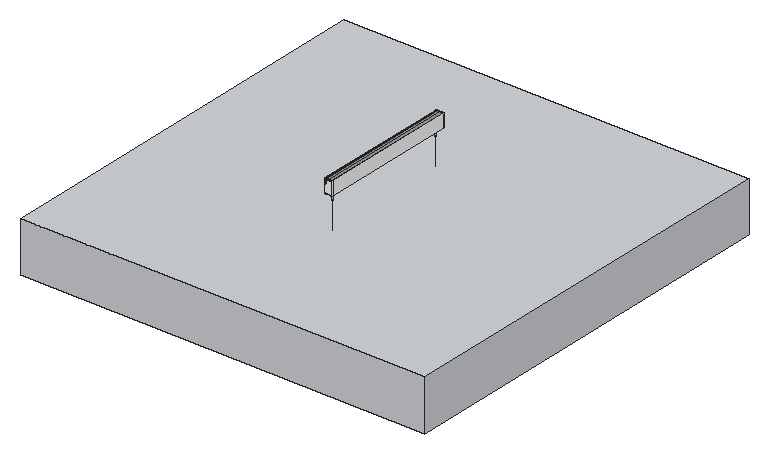
Revit family "LAMP_FIL 45 840MM D-I OPAL", category Luminarias, Revit 2018
Family settings
  Anfitrión = Cara
  Cota de conector redondo = Diámetro de uso
  Tipo de pieza = Normal
  Corte con vacíos al cargar = No
  Origen de luz = Sí
  Compartido = No
  Punto de cálculo de habitación = No
Parameters (values of type "2550LM 3000K  BLACK")
  Ángulo de inclinación = -90.00°
  Weight = 2.00 kg
  Wattage = 15.47 W
  Type = "MID POWER TRIDONIC"
  built-in parameter 1150107 = 3000 (stored number, unit not read)
  NOT COVER 2 [instance] = not(END COVER 2)  # no
  NOT COVER 1 [instance] = not(END COVER 1)  # no
  Indirect light = LAMP_FIL 45 840MM D-I OPAL_I : 3000K
  END COVER 2 [instance] = yes
  END COVER 1 [instance] = yes
  Suspension distance [instance] = if(Suspension > 4000 mm, 4000 mm, if(Suspension < 1 mm, 1 mm, Suspension))  # 200 mm
  Suspension [instance] = 200 mm
  built-in parameter 1150110 = 1 (stored number, unit not read)
  built-in parameter 1150109 = 1 (stored number, unit not read)
  built-in parameter 1150112 = 1 (stored number, unit not read)
  built-in parameter 1150113 = 1 (stored number, unit not read)
  built-in parameter 1114218 = 1 (stored number, unit not read)
  Protection rating = "IP20 / IK07"
  Product datasheet = "http://www.lamp.es/product-files/TECH/F41SF084MOIO830NB-EN.pdf"
  Product code = "F41SF084MOIO830NB"
  Product URL = "https://www.lamp.es/en/family/fil-45_413951"
  Power Supply = "220-240V 50/60Hz"
  Power = 18 W
  Plum = 22.1 W
  Photobiological risk = ""
  built-in parameter 1150137 = (empty or 0)
  built-in parameter 1150132 = 2
  Modelo = Product code  # "F41SF084MOIO830NB"
  Model Explanation = ""
  Material suspension = LAMP_Acero genérico
  Material perfil = LAMP_Aluminio Perfil Fil NG
  Material difusor = LAMP_PC Difusor Opal Fil
  Manufacturer name = "LAMP"
  Manufacturer country = "Spain"
  Manufacturer URL = "http://www.lamp.es/en"
  MacAdam = "3"
  Longitud de línea de emisión = 840 mm
  Last update = "21/04/2021"
  Lamp = "MID-POWER LED"
  LED Lifetime = "70.000 L80 B10"
  built-in parameter 1150105 = 509.3 (stored number, unit not read)
  built-in parameter 1150102 = (empty or 0)
  Insulation class = "I"
  Installation instructions = "https://www.lamp.es/product-files/INS/1004580-C%20INSTR.%20FIL45.pdf"
  built-in parameter 1150106 = 5.093 (stored number, unit not read)
  IEE = "A+"
  Gear = "Electronic"
  Lumens = 1339.08 lm
  Finish = "Matte black RAL 9011"
  Color Filter = 16777215
  built-in parameter 1114217 = 1 (stored number, unit not read)
  built-in parameter 1150139 = (empty or 0)
  Fabricante = Manufacturer name  # "LAMP"
  Default Elevation = 1219.2 mm
  built-in parameter 1150104 = 8.0417 (stored number, unit not read)
  Efficacy = 86.54 lm/W
  Dimensions = "840x45x80"
  Descripción = "FIL45 SUR 840 2550 WW D/I OPAL BK."
  built-in parameter 1150115 = 1 (stored number, unit not read)
  built-in parameter 1150114 = 1 (stored number, unit not read)
  built-in parameter 1150138 = (empty or 0)
  built-in parameter 1150134 = 3
  Dimming Lamp Color Temperature Shift = (empty or 0)
  CRI = "80"
  Archivo de red fotométrica = "F41SF084MOIO830NW_D.IES"
  built-in parameter 1150133 = 10 (stored number, unit not read)
Types (12, lengths in mm): name | Weight | built-in parameter 1150107 | Indirect light | Product datasheet | Product code | Modelo | Material perfil | built-in parameter 1150105 | built-in parameter 1150106 | Lumens | Finish | built-in parameter 1150104 | Efficacy | Descripción | Archivo de red fotométrica
  2550LM 3000K DALI BLACK | 2.132 kg | 3000 (stored number, unit not read) | LAMP_FIL 45 840MM D-I OPAL_I : 3000K | "http://www.lamp.es/product-files/TECH/F41SF084MOIO830DB-EN.pdf" | "F41SF084MOIO830DB" | "F41SF084MOIO830DB" | LAMP_Aluminio Perfil Fil NG | 509.3 (stored number, unit not read) | 5.093 (stored number, unit not read) | 1339.08 lm | "Matte black RAL 9011" | 8.0417 (stored number, unit not read) | 86.54 lm/W | "FIL45 SUR 840 2550 WW D/I OPAL DALI BK." | "F41SF084MOIO830NW_D.IES"
  2550LM 3000K DALI GREY | 2.132 kg | 3000 (stored number, unit not read) | LAMP_FIL 45 840MM D-I OPAL_I : 3000K | "http://www.lamp.es/product-files/TECH/F41SF084MOIO830DG-EN.pdf" | "F41SF084MOIO830DG" | "F41SF084MOIO830DG" | LAMP_Aluminio Perfil Fil GR | 509.3 (stored number, unit not read) | 5.093 (stored number, unit not read) | 1339.08 lm | "Gloss grey" | 8.0417 (stored number, unit not read) | 86.54 lm/W | "FIL45 SUR 840 2550 WW D/I OPAL DALI GR." | "F41SF084MOIO830NW_D.IES"
  2550LM 3000K DALI WHITE | 2.132 kg | 3000 (stored number, unit not read) | LAMP_FIL 45 840MM D-I OPAL_I : 3000K | "http://www.lamp.es/product-files/TECH/F41SF084MOIO830DW-EN.pdf" | "F41SF084MOIO830DW" | "F41SF084MOIO830DW" | LAMP_Aluminio Perfil Fil BL | 509.3 (stored number, unit not read) | 5.093 (stored number, unit not read) | 1339.08 lm | "Matte white RAL 9010" | 8.0417 (stored number, unit not read) | 86.54 lm/W | "FIL45 SUR 840 2550 WW D/I OPAL DALI WH." | "F41SF084MOIO830NW_D.IES"
  2550LM 3000K  BLACK | 2.00 kg | 3000 (stored number, unit not read) | LAMP_FIL 45 840MM D-I OPAL_I : 3000K | "http://www.lamp.es/product-files/TECH/F41SF084MOIO830NB-EN.pdf" | "F41SF084MOIO830NB" | "F41SF084MOIO830NB" | LAMP_Aluminio Perfil Fil NG | 509.3 (stored number, unit not read) | 5.093 (stored number, unit not read) | 1339.08 lm | "Matte black RAL 9011" | 8.0417 (stored number, unit not read) | 86.54 lm/W | "FIL45 SUR 840 2550 WW D/I OPAL BK." | "F41SF084MOIO830NW_D.IES"
  2550LM 3000K  GREY | 2.00 kg | 3000 (stored number, unit not read) | LAMP_FIL 45 840MM D-I OPAL_I : 3000K | "http://www.lamp.es/product-files/TECH/F41SF084MOIO830NG-EN.pdf" | "F41SF084MOIO830NG" | "F41SF084MOIO830NG" | LAMP_Aluminio Perfil Fil GR | 509.3 (stored number, unit not read) | 5.093 (stored number, unit not read) | 1339.08 lm | "Gloss grey" | 8.0417 (stored number, unit not read) | 86.54 lm/W | "FIL45 SUR 840 2550 WW D/I OPAL GR." | "F41SF084MOIO830NW_D.IES"
  2550LM 3000K  WHITE | 2.00 kg | 3000 (stored number, unit not read) | LAMP_FIL 45 840MM D-I OPAL_I : 3000K | "http://www.lamp.es/product-files/TECH/F41SF084MOIO830NW-EN.pdf" | "F41SF084MOIO830NW" | "F41SF084MOIO830NW" | LAMP_Aluminio Perfil Fil BL | 509.3 (stored number, unit not read) | 5.093 (stored number, unit not read) | 1339.08 lm | "Matte white RAL 9010" | 8.0417 (stored number, unit not read) | 86.54 lm/W | "FIL45 SUR 840 2550 WW D/I OPAL WH." | "F41SF084MOIO830NW_D.IES"
  2550LM 4000K DALI BLACK | 2.132 kg | 4000 (stored number, unit not read) | LAMP_FIL 45 840MM D-I OPAL_I : 4000K | "http://www.lamp.es/product-files/TECH/F41SF084MOIO840DB-EN.pdf" | "F41SF084MOIO840DB" | "F41SF084MOIO840DB" | LAMP_Aluminio Perfil Fil NG | 531.42 (stored number, unit not read) | 5.3142 (stored number, unit not read) | 1397.25 lm | "Matte black RAL 9011" | 8.391 (stored number, unit not read) | 90.31 lm/W | "FIL45 SUR 840 2550 NW D/I OPAL DALI BK." | "F41SF084MOIO840NW_D.IES"
  2550LM 4000K DALI GREY | 2.132 kg | 4000 (stored number, unit not read) | LAMP_FIL 45 840MM D-I OPAL_I : 4000K | "http://www.lamp.es/product-files/TECH/F41SF084MOIO840DG-EN.pdf" | "F41SF084MOIO840DG" | "F41SF084MOIO840DG" | LAMP_Aluminio Perfil Fil GR | 531.42 (stored number, unit not read) | 5.3142 (stored number, unit not read) | 1397.25 lm | "Gloss grey" | 8.391 (stored number, unit not read) | 90.31 lm/W | "FIL45 SUR 840 2550 NW D/I OPAL DALI GR." | "F41SF084MOIO840NW_D.IES"
  2550LM 4000K DALI WHITE | 2.132 kg | 4000 (stored number, unit not read) | LAMP_FIL 45 840MM D-I OPAL_I : 4000K | "http://www.lamp.es/product-files/TECH/F41SF084MOIO840DW-EN.pdf" | "F41SF084MOIO840DW" | "F41SF084MOIO840DW" | LAMP_Aluminio Perfil Fil BL | 531.42 (stored number, unit not read) | 5.3142 (stored number, unit not read) | 1397.25 lm | "Matte white RAL 9010" | 8.391 (stored number, unit not read) | 90.31 lm/W | "FIL45 SUR 840 2550 NW D/I OPAL DALI WH." | "F41SF084MOIO840NW_D.IES"
  2550LM 4000K  BLACK | 2.00 kg | 4000 (stored number, unit not read) | LAMP_FIL 45 840MM D-I OPAL_I : 4000K | "http://www.lamp.es/product-files/TECH/F41SF084MOIO840NB-EN.pdf" | "F41SF084MOIO840NB" | "F41SF084MOIO840NB" | LAMP_Aluminio Perfil Fil NG | 531.42 (stored number, unit not read) | 5.3142 (stored number, unit not read) | 1397.25 lm | "Matte black RAL 9011" | 8.391 (stored number, unit not read) | 90.31 lm/W | "FIL45 SUR 840 2550 NW D/I OPAL BK." | "F41SF084MOIO840NW_D.IES"
  2550LM 4000K  GREY | 2.00 kg | 4000 (stored number, unit not read) | LAMP_FIL 45 840MM D-I OPAL_I : 4000K | "http://www.lamp.es/product-files/TECH/F41SF084MOIO840NG-EN.pdf" | "F41SF084MOIO840NG" | "F41SF084MOIO840NG" | LAMP_Aluminio Perfil Fil GR | 531.42 (stored number, unit not read) | 5.3142 (stored number, unit not read) | 1397.25 lm | "Gloss grey" | 8.391 (stored number, unit not read) | 90.31 lm/W | "FIL45 SUR 840 2550 NW D/I OPAL GR." | "F41SF084MOIO840NW_D.IES"
  2550LM 4000K  WHITE | 2.00 kg | 4000 (stored number, unit not read) | LAMP_FIL 45 840MM D-I OPAL_I : 4000K | "http://www.lamp.es/product-files/TECH/F41SF084MOIO840NW-EN.pdf" | "F41SF084MOIO840NW" | "F41SF084MOIO840NW" | LAMP_Aluminio Perfil Fil BL | 531.42 (stored number, unit not read) | 5.3142 (stored number, unit not read) | 1397.25 lm | "Matte white RAL 9010" | 8.391 (stored number, unit not read) | 90.31 lm/W | "FIL45 SUR 840 2550 NW D/I OPAL WH." | "F41SF084MOIO840NW_D.IES"
Reference planes
  plane 1 "Centro (Frontal/Posterior)": y = 0
  plane 2: z = 0
  plane 3 "Centro (Izquierda/Derecha)": x = 0
Forms (mm)
  Extrusion 1, solid
    sketch origin (0, 0, 0) x (1, 0, 0) y (0, 1, 0)
      loop
        line (-1219.2, 1219.2) -> (-1219.2, -1219.2) -> (1219.2, -1219.2) -> (1219.2, 1219.2) -> (-1219.2, 1219.2)
    from 0 to -304.8
  Extrusion 2, solid, material "LAMP_Aluminio Perfil Fil NG" <- "Material perfil"
    sketch origin (0, 0, 0) x (1, 0, 0) y (0, 0, 1)
      loop
        arc (22.5, 285.7) -> (21.5, 286.7) -> (20.5, 285.7) r 1
        line (20.5, 285.7) -> (20.5, 284.2) -> (17.8, 284.2) -> (17.8, 259) -> (0, 259) -> (-17.8, 259) -> (-17.8, 284.2) -> (-20.5, 284.2) -> (-20.5, 285.7)
        arc (-20.5, 285.7) -> (-21.5, 286.7) -> (-22.5, 285.7) r 1
        line (-22.5, 285.7) -> (-22.5, 206.5) -> (-20.7, 206.5) -> (-20.7, 210) -> (-12.5, 210) -> (-12.5, 208) -> (-14.8, 208) -> (-14.5, 206.5) -> (-11, 206.5) -> (-11, 214.5) -> (0, 214.5) -> (11, 214.5) -> (11, 206.5) -> (14.5, 206.5) -> (14.8, 208) -> (12.5, 208) -> (12.5, 210) -> (20.7, 210) -> (20.7, 206.5) -> (22.5, 206.5) -> (22.5, 285.7)
    from -420 to 420
  Extrusion 3, solid, material "LAMP_Acero genérico" <- "Material suspension"
    sketch origin (0, 0, 0) x (1, 0, 0) y (0, 0, 1)
      loop
        line (-12.5, 201) -> (-15.291, 208.272) -> (-12.823, 210) -> (-13.823, 210) -> (-16.291, 208.272) -> (-13.116, 200) -> (0, 200) -> (13.116, 200) -> (16.291, 208.272) -> (13.823, 210) -> (12.823, 210) -> (15.291, 208.272) -> (12.5, 201) -> (0, 201) -> (-12.5, 201)
    from -400 to -378
  Extrusion 4, solid, material "LAMP_Acero genérico" <- "Material suspension"
    sketch origin (0, -24, 0) x (1, 0, 0) y (0, 1, 0)
      loop
        circle (0, -365) r 5
    from 163.2 to 200
  Extrusion 5, solid, material "LAMP_Acero genérico" <- "Material suspension"
    sketch origin (0, 24, 0) x (1, 0, 0) y (0, 1, 0)
      loop
        circle (0, 365) r 5
    from 163.2 to 200
  Extrusion 6, solid, material "LAMP_Acero genérico" <- "Material suspension"
    sketch origin (0, 0, 0) x (1, 0, 0) y (0, 1, 0)
      loop
        circle (0, -389) r 1
    from 0 to 163.2
  Extrusion 7, solid, material "LAMP_Acero genérico" <- "Material suspension"
    sketch origin (0, 0, 0) x (1, 0, 0) y (0, 1, 0)
      loop
        circle (0, 389) r 1
    from 0 to 163.2
  Extrusion 8, solid, material "LAMP_PC Difusor Opal Fil" <- "Material difusor"
    sketch origin (0, 0, 0) x (1, 0, 0) y (0, 0, 1)
      loop
        line (-20.5, 284.2) -> (0, 284.2) -> (20.5, 284.2) -> (20.5, 286.7) -> (0, 286.7) -> (-20.5, 286.7) -> (-20.5, 284.2)
    from 420 to -420
  Extrusion 9, solid, material "LAMP_Acero genérico" <- "Material suspension"
    sketch origin (0, 0, 0) x (1, 0, 0) y (0, 0, -1)
      loop
        line (-12.5, -201) -> (0, -201) -> (12.5, -201) -> (15.291, -208.272) -> (12.823, -210) -> (13.823, -210) -> (16.291, -208.272) -> (13.116, -200) -> (0, -200) -> (-13.116, -200) -> (-16.291, -208.272) -> (-13.823, -210) -> (-12.823, -210) -> (-15.291, -208.272) -> (-12.5, -201)
    from -400 to -378
  Extrusion 10, solid, material "LAMP_PC Difusor Opal Fil" <- "Material difusor"
    sketch origin (0, 0, 0) x (1, 0, 0) y (0, 0, 1)
      loop
        line (-11, 214.5) -> (-11, 206.5) -> (-7.529, 206.5) -> (11, 206.5) -> (11, 214.5) -> (10, 214.5) -> (10, 207.5) -> (-10, 207.5) -> (-10, 214.5) -> (-11, 214.5)
    from 420 to -420
Lines and regions (mm)
  reference lines
    curve 1: line (0, -445.47, 200) -> (0, 544.53, 200)
Text (mm)
  text "Any modification of the parameters and properties of the LAMP BIM models must be executed and validated by the LAMP technical department.\nPhone: +34 93 736 68 00\nE-mail: lamp@lamp.es\n\nLAMP reserves the right to modify the technical specifications of its products." at (3279.264, 5298.162, -2684.539), in view "Preview"
Dimensions and locks
  "Suspension distance": level to curve 1
  locked: Extrusion 4 to Extrusion 4 at 36.8
  locked: Extrusion 5 to Extrusion 5 at 36.8
  aligned and locked: plane 2 to Extrusion 1
  aligned and locked: level to Extrusion 1
  aligned and locked: Extrusion 8 to Extrusion 2  (x2)
  aligned and locked: curve 1 to Extrusion 9
  aligned and locked: curve 1 to Extrusion 3
  aligned and locked: Extrusion 4 to curve 1
  aligned and locked: Extrusion 5 to curve 1
  aligned and locked: Extrusion 6 to Extrusion 4
  aligned and locked: Extrusion 7 to Extrusion 5
  aligned and locked: Extrusion 2 to Extrusion 9  (x2)
  aligned and locked: imposter light to Extrusion 8
  aligned and locked: Extrusion 10 to Extrusion 2
  aligned and locked: nested 1 to Extrusion 2  (x2)
  aligned and locked: nested 2 to Extrusion 2
  aligned and locked: Extrusion 10 to nested 3
Automatic sketch dimensions
  Extrusion 1 sketch curve to Extrusion 1 sketch curve = 2438.4 mm  (x2)
  Extrusion 3 sketch curve to plane 3 "Centro (Izquierda/Derecha)" = 0 mm  (x2)
  Extrusion 3 sketch curve to Extrusion 3 sketch curve = 12.5 mm
  Extrusion 3 sketch curve to Extrusion 3 sketch curve = 0.323 mm  (x2)
  Extrusion 3 sketch curve to Extrusion 3 sketch curve = 0.616 mm  (x2)
  Extrusion 3 sketch curve to Extrusion 3 sketch curve = 1 mm  (x5)
  Extrusion 3 sketch curve to Extrusion 3 sketch curve = 1.468 mm  (x2)
  plane 3 "Centro (Izquierda/Derecha)" to Extrusion 3 sketch curve = 12.5 mm
  level to Extrusion 3 sketch curve = 200 mm
  Extrusion 3 sketch curve to Extrusion 3 sketch curve = 7.272 mm  (x2)
  Extrusion 3 sketch curve to Extrusion 3 sketch curve = 0 mm  (x2)
  Extrusion 3 sketch curve to Extrusion 3 sketch curve = 1.728 mm  (x2)
  Extrusion 4 sketch curve to plane 3 "Centro (Izquierda/Derecha)" = 0 mm
  plane 1 "Centro (Frontal/Posterior)" to Extrusion 4 sketch curve = 389 mm
  Extrusion 5 sketch curve to plane 3 "Centro (Izquierda/Derecha)" = 0 mm
  plane 1 "Centro (Frontal/Posterior)" to Extrusion 5 sketch curve = 389 mm
  Extrusion 6 sketch curve to plane 3 "Centro (Izquierda/Derecha)" = 0 mm
  plane 1 "Centro (Frontal/Posterior)" to Extrusion 6 sketch curve = 389 mm
  Extrusion 7 sketch curve to plane 3 "Centro (Izquierda/Derecha)" = 0 mm
  plane 1 "Centro (Frontal/Posterior)" to Extrusion 7 sketch curve = 389 mm
  Extrusion 2 sketch curve to plane 3 "Centro (Izquierda/Derecha)" = 0 mm  (x2)
  Extrusion 2 sketch curve to plane 3 "Centro (Izquierda/Derecha)" = 11 mm
  Extrusion 2 sketch curve to Extrusion 2 sketch curve = 1.5 mm  (x6)
  Extrusion 2 sketch curve to Extrusion 2 sketch curve = 2 mm  (x2)
  Extrusion 2 sketch curve to Extrusion 2 sketch curve = 0.3 mm  (x2)
  Extrusion 2 sketch curve to Extrusion 2 sketch curve = 17.8 mm
  Extrusion 2 sketch curve to Extrusion 2 sketch curve = 2.7 mm  (x2)
  Extrusion 2 sketch curve to Extrusion 2 sketch curve = 5.9 mm  (x2)
  Extrusion 2 sketch curve to Extrusion 2 sketch curve = 1 mm  (x2)
  plane 3 "Centro (Izquierda/Derecha)" to Extrusion 2 sketch curve = 11 mm
  plane 3 "Centro (Izquierda/Derecha)" to Extrusion 2 sketch curve = 17.8 mm
  level to Extrusion 2 sketch curve = 206.5 mm
  Extrusion 2 sketch curve to Extrusion 2 sketch curve = 0 mm  (x3)
  Extrusion 2 sketch curve to Extrusion 2 sketch curve = 3.5 mm  (x2)
  Extrusion 2 sketch curve to Extrusion 2 sketch curve = 4.5 mm
  Extrusion 2 sketch curve to Extrusion 2 sketch curve = 44.5 mm
  Extrusion 2 sketch curve to Extrusion 2 sketch curve = 25.2 mm  (x2)
  Extrusion 8 sketch curve to plane 3 "Centro (Izquierda/Derecha)" = 0 mm  (x2)
  Extrusion 8 sketch curve to Extrusion 8 sketch curve = 20.5 mm
  plane 3 "Centro (Izquierda/Derecha)" to Extrusion 8 sketch curve = 20.5 mm
  level to Extrusion 8 sketch curve = 284.2 mm
  Extrusion 8 sketch curve to Extrusion 8 sketch curve = 2.5 mm
  Extrusion 9 sketch curve to plane 3 "Centro (Izquierda/Derecha)" = 0 mm  (x2)
  Extrusion 9 sketch curve to Extrusion 9 sketch curve = 12.5 mm
  Extrusion 9 sketch curve to Extrusion 9 sketch curve = 0.323 mm  (x2)
  Extrusion 9 sketch curve to Extrusion 9 sketch curve = 0.616 mm  (x2)
  Extrusion 9 sketch curve to Extrusion 9 sketch curve = 1 mm  (x5)
  Extrusion 9 sketch curve to Extrusion 9 sketch curve = 1.468 mm  (x2)
  plane 3 "Centro (Izquierda/Derecha)" to Extrusion 9 sketch curve = 12.5 mm
  level to Extrusion 9 sketch curve = 210 mm
  Extrusion 9 sketch curve to Extrusion 9 sketch curve = 0 mm  (x3)
  Extrusion 9 sketch curve to Extrusion 9 sketch curve = 1.728 mm  (x2)
  Extrusion 9 sketch curve to Extrusion 9 sketch curve = 7.272 mm
  Extrusion 10 sketch curve to plane 3 "Centro (Izquierda/Derecha)" = 11 mm
  Extrusion 10 sketch curve to Extrusion 10 sketch curve = 1 mm  (x3)
  Extrusion 10 sketch curve to Extrusion 10 sketch curve = 2.471 mm
  plane 3 "Centro (Izquierda/Derecha)" to Extrusion 10 sketch curve = 10 mm
  level to Extrusion 10 sketch curve = 206.5 mm
  Extrusion 10 sketch curve to Extrusion 10 sketch curve = 7 mm  (x2)
  plane 1 "Centro (Frontal/Posterior)" to curve 1 = 445.47 mm
  curve 1 to plane 1 "Centro (Frontal/Posterior)" = 544.53 mm
  radius of Extrusion 4 sketch curve = 5 mm
  radius of Extrusion 5 sketch curve = 5 mm
  radius of Extrusion 6 sketch curve = 1 mm
  radius of Extrusion 7 sketch curve = 1 mm
Nested families
  nested 1: "LAMP_FIL 45 END COVER SURFACE" at (0, -421, 206.5), visible <- "END COVER 1", type "LAMP_FIL 45 END COVER SURFACE"
  nested 2: "LAMP_FIL 45 END COVER SURFACE" at (0, 421, 206.5), visible <- "END COVER 2", type "LAMP_FIL 45 END COVER SURFACE"
  nested 3: "LAMP_FIL 45 840MM D-I OPAL_I" at (0, 0.03, -1293.5), type "3000K"
Connectors
  electrical at (0, 389, 200)
    settings: on Extrusion 5, index 1, voltage 230 V, apparent load 0 VA, apparent load phase1 0 VA, apparent load phase2 0 VA, apparent load phase3 0 VA, power factor 1, load classification "Otro", number of poles 1, system type 31, power factor state 1, is connector primary yes, connector utility no, sub classification motor no, connector description ""
Definition of nested family "LAMP_FIL 45 END COVER SURFACE"
  Parameters (values of type "Blanco")
    Material tapa = none
  Reference planes
    plane 1 "Centro (Frontal/Posterior)": y = 0
    plane 2: z = 0
    plane 3 "Centro (Izquierda/Derecha)": x = 0
  Forms (mm)
    Extrusion 1, solid, material <- "Material tapa"
      sketch origin (0, 0, 0) x (0, -1, 0) y (0, 0, 1)
        loop
          line (0, 0) -> (1, 0) -> (1, 80) -> (-1, 80) -> (-1, 0) -> (0, 0)
      from -22.5 to 22.5
  Dimensions and locks
    aligned and locked: level to plane 2
Definition of nested family "LAMP_FIL 45 840MM D-I OPAL_I"
  Parameters (values of type "3000K")
    Tilt Angle = -90.00°
    Wattage = 6.63 W
    built-in parameter 1150110 = 1 (stored number, unit not read)
    built-in parameter 1114217 = 1 (stored number, unit not read)
    built-in parameter 1150109 = 1 (stored number, unit not read)
    built-in parameter 1150134 = (empty or 0)
    built-in parameter 1150113 = 1 (stored number, unit not read)
    Lumens = 573.893 lm
    built-in parameter 1150115 = 1 (stored number, unit not read)
    built-in parameter 1150105 = 45.669 (stored number, unit not read)
    built-in parameter 1150137 = (empty or 0)
    built-in parameter 1150139 = (empty or 0)
    built-in parameter 1150112 = 1 (stored number, unit not read)
    built-in parameter 1150114 = 1 (stored number, unit not read)
    built-in parameter 1150132 = 2
    built-in parameter 1150102 = (empty or 0)
    built-in parameter 1150138 = (empty or 0)
    built-in parameter 1150107 = 3000 (stored number, unit not read)
    built-in parameter 1150106 = 0.45669 (stored number, unit not read)
    built-in parameter 1150104 = 8.0417 (stored number, unit not read)
    Dimming Lamp Color Temperature Shift = (empty or 0)
    Color Filter = 16777215
    built-in parameter 1114218 = 1 (stored number, unit not read)
    Photometric Web File = "F41SF084MOIO830NW_I.IES"
    built-in parameter 1150133 = 10 (stored number, unit not read)
  Types (3, lengths in mm): name | built-in parameter 1150134 | Lumens | built-in parameter 1150105 | built-in parameter 1150107 | built-in parameter 1150106 | built-in parameter 1150104 | Photometric Web File
    (no name) | (empty or 0) | 573.893 lm | 45.669 (stored number, unit not read) | 3000 (stored number, unit not read) | 0.45669 (stored number, unit not read) | 8.0417 (stored number, unit not read) | "F41SF084MOIO830NW_I.IES"
    3000K | (empty or 0) | 573.893 lm | 45.669 (stored number, unit not read) | 3000 (stored number, unit not read) | 0.45669 (stored number, unit not read) | 8.0417 (stored number, unit not read) | "F41SF084MOIO830NW_I.IES"
    4000K | 12 | 598.822 lm | 215.35 (stored number, unit not read) | 4000 (stored number, unit not read) | 2.1535 (stored number, unit not read) | 8.391 (stored number, unit not read) | "F41SF084MOIO840NW_I.IES"
  Reference planes
    plane 1 "Eje de origen de luz (F/P)": y = 0
    plane 2: z = 0
    plane 3 "Eje de origen de luz (I/D)": x = 0
    plane 4 "Elevación de origen de luz": z = 1500
  Dimensions and locks
    aligned and locked: plane 3 "Eje de origen de luz (I/D)" to imposter light
    aligned and locked: plane 1 "Eje de origen de luz (F/P)" to imposter light
    aligned and locked: plane 4 "Elevación de origen de luz" to imposter light
    aligned and locked: level to plane 2
